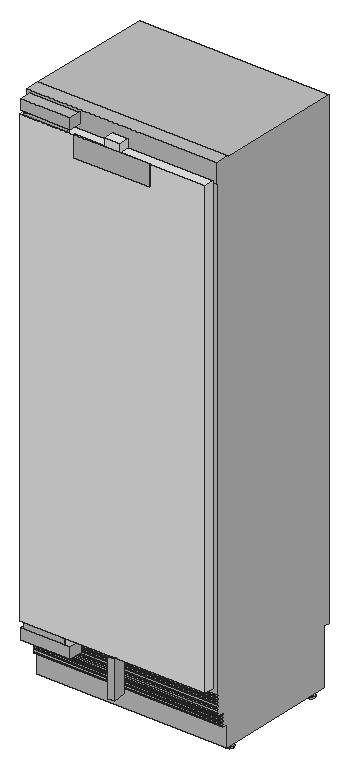
Revit family "FP_Revit_18_RS7621SLHK1_Fridge_90001115A", category Specialty Equipment, Revit 2018
Family settings
  Round Connector Dimension = Use Diameter
  Part Type = Normal
  OmniClass Number = 23.40.40.11.11
  OmniClass Title = Refrigerators and Freezers
  Work Plane-Based = No
  Always vertical = Yes
  Cut with Voids When Loaded = Yes
  Shared = No
  Room Calculation Point = No
Parameters (values of type "RS7621SLHK1")
  Visibility - Water Connection = yes
  Visibility - Visibility Control Note = yes
  Visibility - Clearance Required = yes
  URL = "www.fisherpaykel.com"
  Stainless Steel Door Panels (RD7621L10D) = no
  Product - Width = 756 mm  # constant formula
  Product - Height = 2134 mm  # constant formula
  Product - Depth (exl front panel) = 610 mm  # constant formula
  Model = "RS7621SLHK1"
  Material - Handle = Fisher & Paykel - Aluminium
  Material - Door Structure = Fisher & Paykel - White
  Material - Door Front = Fisher & Paykel - Stainless Steel
  Material - Body = Fisher & Paykel - Grey
  Manufacturer = "Fisher & Paykel Appliances"
  Handle Style - Contemporary Square (AHD3-RD21) = no
  Handle Style - Contemporary Round (AHS-RD21) = no
  Description = "76cm Integrated Column Refrigerator with internal water, stainless steel interior"
  Connector Description - Water = "1/2 BSP Stainless steel braided hose"
  Connector Description - Electrical = "230 V,10 A fused electrical supply"
  Cavity - Width = 762 mm  # constant formula
  Cavity - Height = 2134 mm  # constant formula
  Cavity - Depth = 650 mm  # constant formula
Types (3, lengths in mm): name | Visibility - Water Connection | Model | Description | Connector Description - Water
  (no name) | yes | "RS7621SLHK1" | "76cm Integrated Column Refrigerator with internal water, stainless steel interior" | "1/2 BSP Stainless steel braided hose"
  RS7621SLK1 | no | "RS7621SLK1" | "76cm Integrated Column Refrigerator, stainless steel interior" | "Water Supply not required"
  RS7621SLHK1 | yes | "RS7621SLHK1" | "76cm Integrated Column Refrigerator with internal water, stainless steel interior" | "1/2 BSP Stainless steel braided hose"
Reference planes
  plane 1 "Datum": y = 0
  plane 2: z = 0
  plane 3 "Center (Left/Right)": x = 0
  plane 4 "Product LHS": x = -378
  plane 5 "Product RHS": x = 378
  plane 6 "Product - Depth": y = 610
  plane 7 "Cavity LHS": x = -381
  plane 8 "Cavity RHS": x = 381
  plane 9 "Cavity - Depth": y = 628
  plane 10 "Handle Offset": x = 315
  plane 11 "Product Height": z = 2134
  plane 12 "Cavity Height": z = 2134
  plane 13 "Door Panel Datum": y = -4.1
Forms (mm)
  Extrusion 1, solid, material "Fisher & Paykel - Grey" <- "Material - Body", detail levels fine
    sketch origin (0, 0, 0) x (0, 1, 0) y (0, 0, 1)
      loop
        line (100.1, 19.1) -> (587.9, 19.1) -> (587.9, 239.7) -> (610, 239.7) -> (610, 2131.9) -> (105.1, 2131.9) -> (105.1, 2134) -> (49.9, 2134) -> (49.9, 2059) -> (56, 2059) -> (56, 228.6) -> (59.5, 228.6) -> (59.5, 219.7) -> (56.5, 219.7) -> (56.5, 215.9) -> (59.5, 215.9) -> (59.5, 207) -> (56.5, 207) -> (56.5, 203.2) -> (59.5, 203.2) -> (59.5, 194.3) -> (56.5, 194.3) -> (56.5, 190.5) -> (59.5, 190.5) -> (59.5, 181.6) -> (56.5, 181.6) -> (56.5, 177.8) -> (59.5, 177.8) -> (59.5, 168.9) -> (56.5, 168.9) -> (56.5, 165.1) -> (59.5, 165.1) -> (59.5, 156.2) -> (56.5, 156.2) -> (56.5, 152.4) -> (84.1, 152.4) -> (84.1, 143.5) -> (81.1, 143.5) -> (81.1, 139.7) -> (84.1, 139.7) -> (84.1, 130.8) -> (81.1, 130.8) -> (81.1, 127) -> (84.1, 127) -> (84.1, 118.1) -> (81.1, 118.1) -> (81.1, 114.3) -> (84.1, 114.3) -> (84.1, 105.4) -> (81.1, 105.4) -> (81.1, 101.6) -> (100.1, 101.6) -> (100.1, 19.1)
    from -378 to 378
  Extrusion 2, solid, material "Fisher & Paykel - Grey" <- "Material - Body"
    sketch origin (0, 0, 0) x (1, 0, 0) y (0, 1, 0)
      loop
        circle (-357.5, 547.8) r 4.1
      loop
        circle (-357.5, 141.8) r 4.1
      loop
        circle (357.5, 547.8) r 4.1
      loop
        circle (357.5, 141.8) r 4.1
    from 3 to 19.1
  Extrusion 3, solid, material "Fisher & Paykel - Grey" <- "Material - Body"
    sketch origin (0, 0, 0) x (1, 0, 0) y (0, 1, 0)
      loop
        circle (-357.5, 547.8) r 14.5
      loop
        circle (-357.5, 141.8) r 14.555
      loop
        circle (357.5, 547.8) r 14.5
      loop
        circle (357.5, 141.8) r 14.555
    from 0 to 3
  Extrusion 4, solid, material "Fisher & Paykel - Grey" <- "Material - Body", detail levels fine
    sketch origin (0, 0, 0) x (1, 0, 0) y (0, 1, 0)
      loop
        line (-7.5, 49) -> (-13.797, -4.1) -> (13.797, -4.1) -> (7.5, 49) -> (-7.5, 49)
    from 104.2 to 254.2
  Extrusion 5, solid, material "Fisher & Paykel - Grey" <- "Material - Body", detail levels fine
    sketch origin (0, 0, 0) x (0, 1, 0) y (0, 0, 1)
      loop
        line (0, 2070.6) -> (0, 1988.6) -> (2, 1988.6) -> (2, 2068.6) -> (4, 2068.6) -> (4, 2070.6) -> (0, 2070.6)
    from -150 to 150
  Extrusion 6, solid, material "Fisher & Paykel - Grey" <- "Material - Body"
    sketch origin (0, 0, 0) x (1, 0, 0) y (0, 0, 1)
      loop
        circle (303, 119.813) r 5
      loop
        circle (-303, 119.813) r 5
    from -590 to -587.9
  Extrusion 7, solid, material "Fisher & Paykel - White" <- "Material - Door Structure"
    sketch origin (0, 0, 0) x (1, 0, 0) y (0, 1, 0)
      loop
        line (-353, 56) -> (-353, 42) -> (353, 42) -> (353, 56) -> (-353, 56)
    from 269.6 to 2030.7
  Extrusion 8, solid, material "Fisher & Paykel - White" <- "Material - Door Structure"
    sketch origin (0, 0, 0) x (1, 0, 0) y (0, 1, 0)
      loop
        line (-369.4, 42) -> (-369.4, 3) -> (369.4, 3) -> (369.4, 42) -> (-369.4, 42)
    from 254.2 to 2068.6
  Extrusion 9, solid, material "Fisher & Paykel - White" <- "Material - Door Structure", detail levels fine
    sketch origin (0, 0, 0) x (1, 0, 0) y (0, 0, 1)
      loop
        line (-29.5, 2100.1) -> (-29.5, 2068.6) -> (29.5, 2068.6) -> (29.5, 2100.1) -> (-29.5, 2100.1)
    from -42 to -3
  Extrusion 10, solid, material "Fisher & Paykel - Stainless Steel" <- "Material - Door Front", visible <- "Stainless Steel Door Panels (RD7621L10D)"
    sketch origin (0, 0, 0) x (0, 1, 0) y (0, 0, 1)
      loop
        line (-22.1, 2130.8) -> (-22.1, 102) -> (-4.1, 102) -> (-4.1, 2130.8) -> (-22.1, 2130.8)
    from -378 to 378
  Extrusion 11, solid, material "Fisher & Paykel - Grey" <- "Material - Body", detail levels coarse+medium
    sketch origin (0, 0, 0) x (0, 1, 0) y (0, 0, 1)
      loop
        line (49.9, 2134) -> (49.9, 2059) -> (56, 2059) -> (56, 152.4) -> (81.1, 152.4) -> (81.1, 101.6) -> (100.1, 101.6) -> (100.1, 19.1) -> (587.9, 19.1) -> (587.9, 239.7) -> (610, 239.7) -> (610, 2134) -> (49.9, 2134)
    from -378 to 378
  Extrusion 12, solid, material "Fisher & Paykel - Grey" <- "Material - Body", detail levels fine
    sketch origin (0, 0, 0) x (-1, 0, 0) y (0, 0, -1)
      loop
        line (366.4, -187.65) -> (168.42, -187.65) -> (168.42, -229.75) -> (366.4, -229.75) -> (366.4, -187.65)
    from -56 to -2.5
  Extrusion 13, solid, material "Fisher & Paykel - Grey" <- "Material - Body", detail levels fine
    sketch origin (0, 0, 0) x (-1, 0, 0) y (0, 0, -1)
      loop
        line (366.4, -2123.15) -> (366.4, -2081.05) -> (168.42, -2081.05) -> (168.42, -2123.15) -> (366.4, -2123.15)
    from -49 to -2.5
  Extrusion 14, solid, material "Fisher & Paykel - Grey" <- "Material - Body", detail levels fine
    sketch origin (0, 0, -4) x (0, 1, 0) y (0, 0, 1)
      loop
        arc (163.888, 23.1) -> (180.4, 13.63) -> (196.912, 23.1) r 19.13
        line (196.912, 23.1) -> (163.888, 23.1)
      loop
        arc (493.888, 23.1) -> (510.4, 13.63) -> (526.912, 23.1) r 19.13
        line (526.912, 23.1) -> (493.888, 23.1)
    from 191 to 219
  Extrusion 15, solid, material "Fisher & Paykel - Grey" <- "Material - Body", detail levels fine
    sketch origin (0, 0, -4) x (0, 1, 0) y (0, 0, -1)
      loop
        line (163.888, -23.1) -> (196.912, -23.1)
        arc (196.912, -23.1) -> (180.4, -13.63) -> (163.888, -23.1) r 19.13
      loop
        line (493.888, -23.1) -> (526.912, -23.1)
        arc (526.912, -23.1) -> (510.4, -13.63) -> (493.888, -23.1) r 19.13
    from 191 to 219
  Extrusion 16, solid, material "Fisher & Paykel - Clearance Required", visible <- "Visibility - Clearance Required", detail levels coarse
    sketch origin (0, 0, 0) x (1, 0, 0) y (0, 1, 0)
      loop
        line (-381, 628) -> (-381, -4.1) -> (381, -4.1) -> (381, 628) -> (-381, 628)
    from 0 to 2134
  Extrusion 17, void
    sketch origin (0, 0, 0) x (1, 0, 0) y (0, 1, 0)
      loop
        line (-381, 628) -> (-381, -22.1) -> (381, -22.1) -> (381, 628) -> (-381, 628)
    from 0 to 2134
  Extrusion 18, solid, material "Fisher & Paykel - Grey" <- "Material - Body", detail levels fine
    sketch origin (-73, 0, 0) x (-1, 0, 0) y (0, 0, -1)
      loop
        line (118.4, -254.2) -> (282.9, -254.2) -> (282.9, -229.75) -> (118.4, -229.75) -> (118.4, -254.2)
      loop
        line (106, -2081.05) -> (242.9, -2081.05) -> (282.9, -2076.05) -> (282.9, -2068.6) -> (106, -2068.6) -> (106, -2081.05)
    from -7 to -4
  Extrusion 19, solid, material "Fisher & Paykel - Clearance Required", visible <- "Visibility - Clearance Required", detail levels coarse
    sketch origin (0, 0, 0) x (-1, 0, 0) y (0, -1, 0)
      loop
        line (-328.5, 22) -> (378.07, 22)
        arc (378.07, 22) -> (380.987, 57.006) -> (415.929, 60.595) r 27.504
        line (415.929, 60.595) -> (697.006, 665.395) -> (723.253, 653.197)
        arc (723.253, 653.197) -> (747.815, 662.137) -> (738.875, 686.699) r 18.483
        line (738.875, 686.699) -> (712.602, 698.95) -> (734.607, 746.265)
        arc (734.607, 746.265) -> (-22.041, 691.901) -> (-377.998, 22) r 783.526
        line (-377.998, 22) -> (-328.5, 22)
    from 0 to 2134
Lines and regions (mm)
  model lines, style "Fisher & Paykel"
    curve 1: line (-378, -4.1, 2130.8) -> (378, -4.1, 2130.8)
    curve 2: line (-378, -4.1, 102) -> (-378, -4.1, 2130.8)
    curve 3: line (378, -4.1, 102) -> (-378, -4.1, 102)
    curve 4: line (378, -4.1, 2130.8) -> (378, -4.1, 102)
Text (mm)
  text "Due to ongoing product development, product details are subject to change without notice. \nPlease always refer to www.fisherpaykel.com for the most current product information. \n© Fisher & Paykel 2020" at (41.04, -848.295, 0), in view "Ref. Level (Plan)"
Dimensions and locks
  equal spacing: plane 4 "Product LHS", plane 3 "Center (Left/Right)", plane 5 "Product RHS"
  "Product - Width": plane 4 "Product LHS" to plane 5 "Product RHS"
  "Product - Depth (exl front panel)": plane 1 "Datum" to plane 6 "Product - Depth"
  equal spacing: plane 7 "Cavity LHS", plane 3 "Center (Left/Right)", plane 8 "Cavity RHS"
  "Cavity - Width": plane 7 "Cavity LHS" to plane 8 "Cavity RHS"
  plane 4 "Product LHS" to Extrusion 2 sketch curve = 24.6 mm
  Extrusion 6 sketch curve to Extrusion 1 = 119.887 mm  (x2)
  Extrusion 6 sketch curve to plane 5 "Product RHS" = 75 mm
  plane 4 "Product LHS" to Extrusion 6 sketch curve = 75 mm
  Extrusion 1 sketch curve to Extrusion 1 sketch curve = 82.5 mm
  Extrusion 1 sketch curve to Extrusion 1 sketch curve = 209.5 mm
  Extrusion 1 sketch curve to Extrusion 1 sketch curve = 220.6 mm
  Extrusion 3 to level = 3 mm
  Extrusion 11 to Extrusion 8 = 235.1 mm
  Extrusion 11 to Extrusion 7 = 250.5 mm
  Extrusion 11 to Extrusion 11 = 2114.9 mm
  Extrusion 11 to Extrusion 10 = 82.9 mm
  "Product - Height": level to plane 11 "Product Height"
  plane 11 "Product Height" to Extrusion 10 = 3.2 mm
  Extrusion 8 to plane 11 "Product Height" = 65.4 mm
  Extrusion 7 to plane 11 "Product Height" = 103.3 mm
  Extrusion 11 sketch curve to plane 11 "Product Height" = 75 mm
  Extrusion 1 sketch curve to plane 11 "Product Height" = 2.1 mm
  Extrusion 1 sketch curve to plane 11 "Product Height" = 75 mm
  "Cavity - Height": plane 12 "Cavity Height" to level
  Extrusion 18 sketch curve to Extrusion 18 sketch curve = 40 mm
  Extrusion 18 sketch curve to Extrusion 18 sketch curve = 176.9 mm
  plane 3 "Center (Left/Right)" to Extrusion 18 sketch curve = 179 mm
  plane 3 "Center (Left/Right)" to Extrusion 18 sketch curve = 191.4 mm
  plane 3 "Center (Left/Right)" to Extrusion 18 sketch curve = 355.9 mm
  plane 3 "Center (Left/Right)" to Extrusion 13 sketch curve = 168.42 mm
  plane 3 "Center (Left/Right)" to Extrusion 12 sketch curve = 168.42 mm
  "Cavity - Depth": Extrusion 17 to Extrusion 19
  Extrusion 19 to plane 1 "Datum" = 22 mm
  radius of Extrusion 6 sketch curve = 5 mm
  aligned and locked: level to plane 2
  aligned and locked: Extrusion 10 to plane 5 "Product RHS"
  aligned and locked: plane 4 "Product LHS" to Extrusion 10
  aligned and locked: Extrusion 11 to plane 5 "Product RHS"
  aligned and locked: Extrusion 11 to plane 4 "Product LHS"
  aligned and locked: Extrusion 11 sketch curve to plane 11 "Product Height"
  aligned and locked: plane 11 "Product Height" to Extrusion 1 sketch curve
  aligned and locked: Extrusion 14 sketch curve to Extrusion 14 sketch curve
  aligned and locked: Extrusion 15 sketch curve to Extrusion 15 sketch curve
  aligned and locked: Extrusion 1 to plane 5 "Product RHS"
  aligned and locked: plane 4 "Product LHS" to Extrusion 1
  aligned and locked: Extrusion 11 sketch curve to Extrusion 1  (x4)
  aligned and locked: Extrusion 2 to Extrusion 1
  aligned and locked: nested 2 to plane 10 "Handle Offset"
  aligned and locked: nested 3 to plane 10 "Handle Offset"
Automatic sketch dimensions
  plane 1 "Datum" to Extrusion 4 sketch curve = 4.1 mm
  Extrusion 4 sketch curve to plane 3 "Center (Left/Right)" = 13.797 mm
  Extrusion 4 sketch curve to plane 3 "Center (Left/Right)" = 7.5 mm
  plane 3 "Center (Left/Right)" to Extrusion 4 sketch curve = 7.5 mm
  plane 3 "Center (Left/Right)" to Extrusion 4 sketch curve = 13.797 mm
  Extrusion 4 sketch curve to plane 1 "Datum" = 49 mm
  Extrusion 5 sketch curve to plane 1 "Datum" = 0 mm
  Extrusion 5 sketch curve to plane 1 "Datum" = 2 mm
  Extrusion 5 sketch curve to Extrusion 5 sketch curve = 2 mm  (x2)
  plane 11 "Product Height" to Extrusion 5 sketch curve = 145.4 mm
  plane 11 "Product Height" to Extrusion 5 sketch curve = 65.4 mm
  Extrusion 9 sketch curve to plane 3 "Center (Left/Right)" = 29.5 mm
  plane 3 "Center (Left/Right)" to Extrusion 9 sketch curve = 29.5 mm
  plane 11 "Product Height" to Extrusion 9 sketch curve = 65.4 mm
  Extrusion 9 sketch curve to Extrusion 9 sketch curve = 31.5 mm
  Extrusion 16 sketch curve to plane 7 "Cavity LHS" = 0 mm
  Extrusion 16 sketch curve to plane 8 "Cavity RHS" = 0 mm
  Extrusion 16 sketch curve to plane 9 "Cavity - Depth" = 0 mm
  plane 1 "Datum" to Extrusion 16 sketch curve = 4.1 mm
  Extrusion 17 sketch curve to plane 7 "Cavity LHS" = 0 mm
  Extrusion 17 sketch curve to plane 8 "Cavity RHS" = 0 mm
  plane 9 "Cavity - Depth" to Extrusion 17 sketch curve = 0 mm
  plane 1 "Datum" to Extrusion 17 sketch curve = 22.1 mm
  Extrusion 1 sketch curve to plane 6 "Product - Depth" = 0 mm
  Extrusion 1 sketch curve to Extrusion 1 sketch curve = 22.1 mm
  Extrusion 1 sketch curve to plane 1 "Datum" = 105.1 mm
  level to Extrusion 1 sketch curve = 19.1 mm
  Extrusion 1 sketch curve to plane 1 "Datum" = 100.1 mm
  Extrusion 1 sketch curve to Extrusion 1 sketch curve = 16 mm
  Extrusion 1 sketch curve to Extrusion 1 sketch curve = 0 mm  (x8)
  Extrusion 1 sketch curve to Extrusion 1 sketch curve = 3 mm  (x10)
  Extrusion 1 sketch curve to plane 1 "Datum" = 59.5 mm
  Extrusion 1 sketch curve to plane 1 "Datum" = 56 mm
  Extrusion 1 sketch curve to plane 1 "Datum" = 49.9 mm
  Extrusion 1 sketch curve to Extrusion 1 sketch curve = 3.8 mm  (x10)
  Extrusion 1 sketch curve to Extrusion 1 sketch curve = 8.9 mm  (x9)
  Extrusion 2 sketch curve to plane 4 "Product LHS" = 20.5 mm  (x2)
  plane 5 "Product RHS" to Extrusion 2 sketch curve = 20.5 mm  (x2)
  Extrusion 2 sketch curve to plane 1 "Datum" = 141.8 mm  (x2)
  Extrusion 2 sketch curve to plane 6 "Product - Depth" = 62.2 mm  (x2)
  Extrusion 3 sketch curve to plane 4 "Product LHS" = 20.5 mm  (x2)
  plane 5 "Product RHS" to Extrusion 3 sketch curve = 20.5 mm  (x2)
  Extrusion 3 sketch curve to plane 1 "Datum" = 141.8 mm  (x2)
  Extrusion 3 sketch curve to plane 6 "Product - Depth" = 62.2 mm  (x2)
  Extrusion 7 sketch curve to plane 4 "Product LHS" = 25 mm
  plane 5 "Product RHS" to Extrusion 7 sketch curve = 25 mm
  Extrusion 7 sketch curve to plane 1 "Datum" = 42 mm
  Extrusion 7 sketch curve to Extrusion 7 sketch curve = 14 mm
  Extrusion 8 sketch curve to plane 1 "Datum" = 3 mm
  Extrusion 8 sketch curve to plane 4 "Product LHS" = 8.6 mm
  plane 5 "Product RHS" to Extrusion 8 sketch curve = 8.6 mm
  Extrusion 8 sketch curve to Extrusion 8 sketch curve = 39 mm
  plane 1 "Datum" to Extrusion 10 sketch curve = 22.1 mm
  plane 1 "Datum" to Extrusion 10 sketch curve = 4.1 mm
  level to Extrusion 10 sketch curve = 102 mm
  plane 11 "Product Height" to Extrusion 10 sketch curve = 3.2 mm
  Extrusion 11 sketch curve to plane 6 "Product - Depth" = 0 mm
  Extrusion 11 sketch curve to plane 6 "Product - Depth" = 22.1 mm
  Extrusion 11 sketch curve to plane 1 "Datum" = 100.1 mm
  Extrusion 11 sketch curve to Extrusion 11 sketch curve = 19 mm
  Extrusion 11 sketch curve to plane 1 "Datum" = 56 mm
  Extrusion 11 sketch curve to plane 1 "Datum" = 49.9 mm
  Extrusion 11 sketch curve to Extrusion 11 sketch curve = 50.8 mm
  plane 4 "Product LHS" to Extrusion 12 sketch curve = 11.6 mm
  Extrusion 12 sketch curve to level = 187.65 mm
  Extrusion 12 sketch curve to Extrusion 12 sketch curve = 42.1 mm
  plane 4 "Product LHS" to Extrusion 13 sketch curve = 11.6 mm
  Extrusion 13 sketch curve to plane 11 "Product Height" = 52.95 mm
  Extrusion 13 sketch curve to plane 11 "Product Height" = 10.85 mm
  level to Extrusion 14 sketch curve = 19.1 mm
  Extrusion 14 sketch curve to plane 1 "Datum" = 163.888 mm
  Extrusion 14 sketch curve to Extrusion 14 sketch curve = 16.512 mm  (x2)
  Extrusion 14 sketch curve to plane 6 "Product - Depth" = 116.112 mm
  Extrusion 14 sketch curve to Extrusion 14 sketch curve = 9.66 mm  (x2)
  level to Extrusion 15 sketch curve = 19.1 mm
  Extrusion 15 sketch curve to plane 1 "Datum" = 163.888 mm
  Extrusion 15 sketch curve to Extrusion 15 sketch curve = 16.512 mm  (x2)
  Extrusion 15 sketch curve to plane 6 "Product - Depth" = 116.112 mm
  Extrusion 15 sketch curve to Extrusion 15 sketch curve = 9.66 mm  (x2)
  Extrusion 18 sketch curve to level = 229.75 mm
  Extrusion 18 sketch curve to Extrusion 18 sketch curve = 24.45 mm
  Extrusion 18 sketch curve to plane 11 "Product Height" = 65.4 mm
  Extrusion 18 sketch curve to Extrusion 18 sketch curve = 7.45 mm
  Extrusion 18 sketch curve to Extrusion 18 sketch curve = 5 mm
  Extrusion 19 sketch curve to plane 5 "Product RHS" = 0.002 mm
  plane 10 "Handle Offset" to Extrusion 19 sketch curve = 13.5 mm
  Extrusion 19 sketch curve to plane 4 "Product LHS" = 0.07 mm
  Extrusion 19 sketch curve to plane 7 "Cavity LHS" = 19.621 mm
  Extrusion 19 sketch curve to Extrusion 19 sketch curve = 4.795 mm
  Extrusion 19 sketch curve to Extrusion 19 sketch curve = 10.514 mm
  Extrusion 19 sketch curve to plane 7 "Cavity LHS" = 316.006 mm
  Extrusion 19 sketch curve to Extrusion 19 sketch curve = 15.596 mm
  Extrusion 19 sketch curve to Extrusion 19 sketch curve = 26.247 mm
  Extrusion 19 sketch curve to Extrusion 19 sketch curve = 7.811 mm  (x2)
  Extrusion 19 sketch curve to Extrusion 19 sketch curve = 22.005 mm
  Extrusion 19 sketch curve to plane 1 "Datum" = 746.265 mm
  Extrusion 19 sketch curve to Extrusion 19 sketch curve = 47.315 mm
  Extrusion 19 sketch curve to Extrusion 19 sketch curve = 12.251 mm
  Extrusion 19 sketch curve to Extrusion 19 sketch curve = 16.751 mm
  Extrusion 19 sketch curve to Extrusion 19 sketch curve = 12.198 mm
  Extrusion 19 sketch curve to Extrusion 19 sketch curve = 22.85 mm
  plane 5 "Product RHS" to curve 1 = 0 mm
  plane 4 "Product LHS" to curve 3 = 0 mm
  level to curve 3 = 102 mm
  plane 11 "Product Height" to curve 2 = 3.2 mm
  radius of Extrusion 2 sketch curve = 4.1 mm  (x3)
  radius of Extrusion 3 sketch curve = 14.5 mm  (x2)
  radius of Extrusion 3 sketch curve = 14.555 mm  (x2)
  radius of Extrusion 6 sketch curve = 5 mm
Nested families
  nested 1: "Visibility Control Note 18" at (0, 0, 0), visible <- "Visibility - Visibility Control Note", type "Visibility Control Note 18"
  nested 2: "Handle Contemporary Round - Vertical" at (315, -22.1, 1242.58), visible <- "Handle Style - Contemporary Round (AHS-RD21)", type "AHS-RD21 - Contemporary round handle (Vertical) 852mm"
  nested 3: "Handle Contemporary Square - Vertical" at (315, -22.1, 1242.58), visible <- "Handle Style - Contemporary Square (AHD3-RD21)", type "AHD3-RD21 - Contemporary square handle (Vertical) 852mm"
Connectors
  electrical at (-303, 590, 119.813), driven by "Connector Description - Electrical"
    settings: on Extrusion 6, index 1, voltage 230 V, apparent load 0 VA, apparent load phase1 0 VA, apparent load phase2 0 VA, apparent load phase3 0 VA, power factor 1, load classification "Other", number of poles 1, system type 30, power factor state 1, is connector primary yes, connector utility no, sub classification motor no, connector description "230 V,10 A fused electrical supply"
  piping at (303, 590, 119.813), diameter 12.7, driven by "Visibility - Water Connection", driven by "Connector Description - Water"
    settings: on Extrusion 6, index 2, connector inside diameter 609.6 mm, connector length 0 mm, flow factor 0, pipe flow 0.0 L/s, pressure drop 0.0 Pa, fitting loss kfactor 0, connector angle 0.00°, fixture units 0, engagement length 0 mm, angle of deflection 0.00°, flow configuration 0, flow direction 1, fitting loss method 0, system type 20, joint type 0, gender type 0, connector reference index -1, connector utility 1, adjustable connector no, is connector primary yes, connector description "1/2 BSP Stainless steel braided hose"
Definition of nested family "Handle Contemporary Round - Vertical"
  Parameters (values of type "AHSRS80A - Contemporary round handle (1 of 2) (Vertical) 727mm")
    URL = "www.fisherpaykel.com"
    Material - Handle = none
    Manufacturer = "Fisher & Paykel Appliances"
    Handle - Length = 727 mm
  Types (6, lengths in mm): name | Handle - Length
    AHS-RD21 - Contemporary round handle (Vertical) 852mm | 852
    AHSRD2484W - Contemporary round handle (1 of 2) (Vertical) 727mm | 727
    AHSRD3084W - Contemporary round handle (1 of 2) (Vertical) 727mm | 727
    AHS-RD84 - Contemporary round handle (Vertical) 852mm | 852
    AHSRS3272A - Contemporary round handle (1 of 2) (Vertical) 727mm | 727
    AHSRS80A - Contemporary round handle (1 of 2) (Vertical) 727mm | 727
  Reference planes
    plane 1 "Center (Front/Back)": y = 0
    plane 2: z = 0
    plane 3 "Center (Left/Right)": x = 0
    plane 4 "Top": z = 363.5
    plane 5 "Bottom": z = -363.5
    plane 6 "Top Standoff": z = 243.5
    plane 7 "Bottom Standoff": z = -243.5
  Forms (mm)
    Extrusion 1, solid, material <- "Material - Handle"
      sketch origin (0, 0, 0) x (1, 0, 0) y (0, 1, 0)
        loop
          circle (0, -32.3) r 8.7
      from -243.5 to 243.5
    Extrusion 2, solid, material <- "Material - Handle", detail levels fine
      sketch origin (0, 0, 0) x (1, 0, 0) y (0, 1, 0)
        loop
          line (-8.7, 0) -> (-8.7, -32.3)
          arc (-8.7, -32.3) -> (0, -41) -> (8.7, -32.3) r 8.7
          line (8.7, -32.3) -> (8.7, 0) -> (-8.7, 0)
      from 243.5 to 363.5
    Extrusion 3, solid, material <- "Material - Handle", detail levels fine
      sketch origin (0, 0, 0) x (1, 0, 0) y (0, 1, 0)
        loop
          line (-8.7, 0) -> (-8.7, -32.3)
          arc (-8.7, -32.3) -> (0, -41) -> (8.7, -32.3) r 8.7
          line (8.7, -32.3) -> (8.7, 0) -> (-8.7, 0)
      from -363.5 to -243.5
    Sweep 4, void
      path in 3D
        loop
          line (8.7, 0, -363.5) -> (8.7, -32.3, -363.5)
          arc (8.7, -32.3, -363.5) -> (0, -41, -363.5) -> (-8.7, -32.3, -363.5) r 8.7
          line (-8.7, -32.3, -363.5) -> (-8.7, 0, -363.5)
      profile origin (8.7, -16.15, -363.5) x (-1, 0, 0) y (0, 0, -1)
        loop
          line (0, 0) -> (0, -1) -> (1, 0) -> (0, 0)
    Sweep 5, void
      path in 3D
        loop
          line (-8.7, 0, 363.5) -> (-8.7, -32.3, 363.5)
          arc (-8.7, -32.3, 363.5) -> (0, -41, 363.5) -> (8.7, -32.3, 363.5) r 8.7
          line (8.7, -32.3, 363.5) -> (8.7, 0, 363.5)
      profile origin (8.7, -16.15, 363.5) x (-1, 0, 0) y (0, 0, 1)
        loop
          line (0, 0) -> (0, -1) -> (1, 0) -> (0, 0)
    Extrusion 6, solid, material <- "Material - Handle", detail levels coarse+medium
      sketch origin (0, 0, 0) x (1, 0, 0) y (0, 1, 0)
        loop
          line (-8.7, 0) -> (-8.7, -32.3)
          arc (-8.7, -32.3) -> (0, -41) -> (8.7, -32.3) r 8.7
          line (8.7, -32.3) -> (8.7, 0) -> (-8.7, 0)
      from 243.5 to 363.5
    Extrusion 7, solid, material <- "Material - Handle", detail levels coarse+medium
      sketch origin (0, 0, 0) x (1, 0, 0) y (0, 1, 0)
        loop
          line (-8.7, 0) -> (-8.7, -32.3)
          arc (-8.7, -32.3) -> (0, -41) -> (8.7, -32.3) r 8.7
          line (8.7, -32.3) -> (8.7, 0) -> (-8.7, 0)
      from -363.5 to -243.5
  Cuts and joins
    Sweep 4 cuts Extrusion 3
    Sweep 5 cuts Extrusion 2
  Lines and regions (mm)
    sketch lines
      curve 1: line (8.7, 0, -363.5) -> (8.7, -32.3, -363.5)
      curve 2: arc (-8.7, -32.3, -363.5) -> (0, -41, -363.5) -> (8.7, -32.3, -363.5) r 8.7
      curve 3: line (-8.7, -32.3, -363.5) -> (-8.7, 0, -363.5)
      curve 4: line (8.7, -32.3, 363.5) -> (8.7, 0, 363.5)
      curve 5: arc (8.7, -32.3, 363.5) -> (0, -41, 363.5) -> (-8.7, -32.3, 363.5) r 8.7
      curve 6: line (-8.7, 0, 363.5) -> (-8.7, -32.3, 363.5)
  Dimensions and locks
    equal spacing: plane 4 "Top", level, plane 5 "Bottom"
    "Handle - Length": plane 4 "Top" to plane 5 "Bottom"
    locked: plane 4 "Top" to plane 6 "Top Standoff" at 120
    locked: plane 7 "Bottom Standoff" to plane 5 "Bottom" at 120
    Extrusion 2 sketch curve to Extrusion 2 sketch curve = 17.4 mm
    Extrusion 3 sketch curve to Extrusion 3 sketch curve = 17.4 mm
    Extrusion 6 sketch curve to Extrusion 6 sketch curve = 17.4 mm
    Extrusion 7 sketch curve to Extrusion 7 sketch curve = 17.4 mm
    aligned and locked: level to plane 2
    aligned and locked: plane 4 "Top" to Extrusion 2
    aligned and locked: Extrusion 3 to plane 5 "Bottom"
    aligned and locked: plane 7 "Bottom Standoff" to Extrusion 3
    aligned and locked: Extrusion 1 to plane 7 "Bottom Standoff"
    aligned and locked: plane 6 "Top Standoff" to Extrusion 1
    aligned and locked: Extrusion 2 to Extrusion 1
    aligned and locked: Extrusion 6 to Extrusion 1
    aligned and locked: plane 4 "Top" to Extrusion 6
    aligned and locked: Extrusion 7 to Extrusion 1
    aligned and locked: Extrusion 7 to plane 5 "Bottom"
  Automatic sketch dimensions
    Extrusion 1 sketch curve to plane 3 "Center (Left/Right)" = 0 mm
    plane 1 "Center (Front/Back)" to Extrusion 1 sketch curve = 32.3 mm
    plane 1 "Center (Front/Back)" to Extrusion 2 sketch curve = 0 mm
    Extrusion 2 sketch curve to plane 3 "Center (Left/Right)" = 0 mm
    Extrusion 2 sketch curve to plane 3 "Center (Left/Right)" = 8.7 mm
    plane 1 "Center (Front/Back)" to Extrusion 2 sketch curve = 32.3 mm
    plane 1 "Center (Front/Back)" to Extrusion 3 sketch curve = 0 mm
    Extrusion 3 sketch curve to plane 3 "Center (Left/Right)" = 0 mm
    Extrusion 3 sketch curve to plane 3 "Center (Left/Right)" = 8.7 mm
    plane 1 "Center (Front/Back)" to Extrusion 3 sketch curve = 32.3 mm
    Sweep 4 sketch curve to profile plane = 0 mm  (x2)
    Sweep 4 sketch curve to profile plane = 1 mm  (x2)
    Sweep 5 sketch curve to profile plane = 0 mm  (x2)
    Sweep 5 sketch curve to profile plane = 1 mm  (x2)
    Extrusion 6 sketch curve to plane 3 "Center (Left/Right)" = 0 mm
    Extrusion 6 sketch curve to plane 3 "Center (Left/Right)" = 8.7 mm
    plane 1 "Center (Front/Back)" to Extrusion 6 sketch curve = 32.3 mm
    Extrusion 6 sketch curve to Extrusion 6 sketch curve = 32.3 mm
    Extrusion 7 sketch curve to plane 3 "Center (Left/Right)" = 0 mm
    Extrusion 7 sketch curve to plane 3 "Center (Left/Right)" = 8.7 mm
    plane 1 "Center (Front/Back)" to Extrusion 7 sketch curve = 32.3 mm
    Extrusion 7 sketch curve to Extrusion 7 sketch curve = 32.3 mm
    radius of Extrusion 1 sketch curve = 8.7 mm
Definition of nested family "Handle Contemporary Square - Vertical"
  Parameters (values of type "AHD3RS80A - Contemporary square handle (1 of 2) (Vertical) 727mm")
    URL = "www.fisherpaykel.com"
    Material - Handle = none
    Manufacturer = "Fisher & Paykel Appliances"
    Handle - Length = 727 mm
  Types (7, lengths in mm): name | Handle - Length
    (no name) | 727
    AHD3-RD21 - Contemporary square handle (Vertical) 852mm | 852
    AHD3RD2484W - Contemporary square handle (1 of 2) (Vertical) 727mm | 727
    AHD3RD3084W - Contemporary square handle (1 of 2) (Vertical) 727mm | 727
    AHD3-RD84 - Contemporary square handle (Vertical) 852mm | 852
    AHD3RS3272A - Contemporary square handle (1 of 2) (Vertical) 727mm | 727
    AHD3RS80A - Contemporary square handle (1 of 2) (Vertical) 727mm | 727
  Reference planes
    plane 1 "Center (Front/Back)": y = 0
    plane 2: z = 0
    plane 3 "Center (Left/Right)": x = 0
    plane 4 "Top": z = 363.5
    plane 5 "Bottom": z = -363.5
    plane 6 "Top Standoff": z = 243.5
    plane 7 "Bottom Standoff": z = -243.5
  Forms (mm)
    Extrusion 1, solid, material <- "Material - Handle", detail levels fine
      sketch origin (0, 0, 0) x (1, 0, 0) y (0, 1, 0)
        loop
          arc (-7.583, -28.701) -> (-7.89, -29.057) -> (-8, -29.514) r 1
          line (-8, -29.514) -> (-8, -40.5)
          arc (-8, -40.5) -> (-7.561, -41.561) -> (-6.5, -42) r 1.5
          line (-6.5, -42) -> (6.5, -42)
          arc (6.5, -42) -> (7.561, -41.561) -> (8, -40.5) r 1.5
          line (8, -40.5) -> (8, -29.487)
          arc (8, -29.487) -> (7.889, -29.029) -> (7.58, -28.673) r 1
          arc (7.58, -28.673) -> (-0.006, -26.256) -> (-7.583, -28.701) r 13.038
      from -363.5 to 363.5
    Extrusion 2, solid, material <- "Material - Handle", detail levels fine
      sketch origin (0, 0, 0) x (1, 0, 0) y (0, 1, 0)
        loop
          arc (7.058, -28.23) -> (7.466, -28.244) -> (7.674, -27.893) r 0.4
          line (7.674, -27.893) -> (7.674, 0) -> (-7.674, 0) -> (-7.674, -27.86)
          arc (-7.674, -27.86) -> (-7.467, -28.21) -> (-7.06, -28.198) r 0.4
          arc (-7.06, -28.198) -> (0.004, -26.156) -> (7.058, -28.23) r 13.136
      from 243.5 to 363.5
    Extrusion 3, solid, material <- "Material - Handle", detail levels fine
      sketch origin (0, 0, 0) x (1, 0, 0) y (0, 1, 0)
        loop
          arc (7.058, -28.23) -> (7.466, -28.244) -> (7.674, -27.893) r 0.4
          line (7.674, -27.893) -> (7.674, 0) -> (-7.674, 0) -> (-7.674, -27.86)
          arc (-7.674, -27.86) -> (-7.467, -28.21) -> (-7.06, -28.198) r 0.4
          arc (-7.06, -28.198) -> (0.004, -26.156) -> (7.058, -28.23) r 13.136
      from -363.5 to -243.5
    Sweep 4, void
      path in 3D
        loop
          line (-8, -29.514, 363.5) -> (-8, -40.5, 363.5)
          arc (-8, -40.5, 363.5) -> (-7.561, -41.561, 363.5) -> (-6.5, -42, 363.5) r 1.5
          line (-6.5, -42, 363.5) -> (6.5, -42, 363.5)
          arc (6.5, -42, 363.5) -> (7.561, -41.561, 363.5) -> (8, -40.5, 363.5) r 1.5
          line (8, -40.5, 363.5) -> (8, -29.487, 363.5)
      profile origin (8, -34.994, 363.5) x (-1, 0, 0) y (0, 0, 1)
        loop
          line (0, 0) -> (0, -1.3) -> (1.3, 0) -> (0, 0)
    Sweep 5, void
      path in 3D
        loop
          line (8, -29.487, -363.5) -> (8, -40.5, -363.5)
          arc (8, -40.5, -363.5) -> (7.561, -41.561, -363.5) -> (6.5, -42, -363.5) r 1.5
          line (6.5, -42, -363.5) -> (-6.5, -42, -363.5)
          arc (-6.5, -42, -363.5) -> (-7.561, -41.561, -363.5) -> (-8, -40.5, -363.5) r 1.5
          line (-8, -40.5, -363.5) -> (-8, -29.514, -363.5)
      profile origin (8, -34.994, -363.5) x (-1, 0, 0) y (0, 0, -1)
        loop
          line (0, 0) -> (0, -1.3) -> (1.3, 0) -> (0, 0)
    Extrusion 6, void
      sketch origin (0, 0, 0) x (1, 0, 0) y (0, 0, 1)
        loop
          line (-8, -362.2) -> (-8, -363.5) -> (-6.7, -363.5) -> (-8, -362.2)
        loop
          line (8, -362.2) -> (6.7, -363.5) -> (8, -363.5) -> (8, -362.2)
      from 0 to 40
    Extrusion 7, void
      sketch origin (0, 0, 0) x (1, 0, 0) y (0, 0, 1)
        loop
          line (-8, 363.5) -> (-8, 362.2) -> (-6.7, 363.5) -> (-8, 363.5)
        loop
          line (8, 363.5) -> (6.7, 363.5) -> (8, 362.2) -> (8, 363.5)
      from 0 to 40
    Extrusion 8, solid, material <- "Material - Handle", detail levels coarse+medium
      sketch origin (0, 0, 0) x (0, 1, 0) y (0, 0, 1)
        loop
          line (0, 363.5) -> (-42, 363.5) -> (-42, -363.5) -> (0, -363.5) -> (0, -243.5) -> (-26.245, -243.5) -> (-26.245, 243.5) -> (0, 243.5) -> (0, 363.5)
      from -8 to 8
  Cuts and joins
    Sweep 4, Sweep 5, Extrusion 6, Extrusion 7 cuts Extrusion 1
    Extrusion 6 cuts Extrusion 3
    Extrusion 7 cuts Extrusion 2
  Lines and regions (mm)
    sketch lines
      curve 1: line (8, -40.5, 363.5) -> (8, -29.487, 363.5)
      curve 2: arc (8, -40.5, 363.5) -> (7.561, -41.561, 363.5) -> (6.5, -42, 363.5) r 1.5
      curve 3: line (-6.5, -42, 363.5) -> (6.5, -42, 363.5)
      curve 4: arc (-6.5, -42, 363.5) -> (-7.561, -41.561, 363.5) -> (-8, -40.5, 363.5) r 1.5
      curve 5: line (-8, -29.514, 363.5) -> (-8, -40.5, 363.5)
      curve 6: line (8, -29.487, -363.5) -> (8, -40.5, -363.5)
      curve 7: arc (6.5, -42, -363.5) -> (7.561, -41.561, -363.5) -> (8, -40.5, -363.5) r 1.5
      curve 8: line (6.5, -42, -363.5) -> (-6.5, -42, -363.5)
      curve 9: arc (-8, -40.5, -363.5) -> (-7.561, -41.561, -363.5) -> (-6.5, -42, -363.5) r 1.5
      curve 10: line (-8, -40.5, -363.5) -> (-8, -29.514, -363.5)
  Dimensions and locks
    equal spacing: plane 4 "Top", level, plane 5 "Bottom"
    "Handle - Length": plane 4 "Top" to plane 5 "Bottom"
    locked: plane 4 "Top" to plane 6 "Top Standoff" at 120
    locked: plane 7 "Bottom Standoff" to plane 5 "Bottom" at 120
    aligned and locked: level to plane 2
    aligned and locked: plane 4 "Top" to Extrusion 2
    aligned and locked: Extrusion 2 to plane 6 "Top Standoff"
    aligned and locked: plane 4 "Top" to Extrusion 1
    aligned and locked: Extrusion 1 to plane 5 "Bottom"
    aligned and locked: Extrusion 3 to plane 5 "Bottom"
    aligned and locked: plane 7 "Bottom Standoff" to Extrusion 3
    aligned and locked: plane 4 "Top" to Extrusion 8 sketch curve
    aligned and locked: plane 6 "Top Standoff" to Extrusion 8 sketch curve
    aligned and locked: plane 7 "Bottom Standoff" to Extrusion 8 sketch curve
    aligned and locked: plane 5 "Bottom" to Extrusion 8 sketch curve
    aligned and locked: plane 1 "Center (Front/Back)" to Extrusion 8 sketch curve  (x2)
  Automatic sketch dimensions
    Extrusion 1 sketch curve to plane 3 "Center (Left/Right)" = 8 mm
    Extrusion 1 sketch curve to Extrusion 1 sketch curve = 1 mm  (x2)
    Extrusion 1 sketch curve to Extrusion 1 sketch curve = 1.5 mm
    plane 3 "Center (Left/Right)" to Extrusion 1 sketch curve = 0.018 mm
    plane 3 "Center (Left/Right)" to Extrusion 1 sketch curve = 6.5 mm
    plane 3 "Center (Left/Right)" to Extrusion 1 sketch curve = 7 mm
    plane 1 "Center (Front/Back)" to Extrusion 1 sketch curve = 42 mm
    Extrusion 1 sketch curve to Extrusion 1 sketch curve = 1.206 mm
    Extrusion 1 sketch curve to Extrusion 1 sketch curve = 10.986 mm
    Extrusion 1 sketch curve to Extrusion 1 sketch curve = 11.013 mm
    Extrusion 1 sketch curve to Extrusion 1 sketch curve = 0 mm
    plane 1 "Center (Front/Back)" to Extrusion 2 sketch curve = 0 mm
    Extrusion 2 sketch curve to plane 3 "Center (Left/Right)" = 7.674 mm
    Extrusion 2 sketch curve to Extrusion 2 sketch curve = 0.4 mm  (x2)
    Extrusion 2 sketch curve to plane 3 "Center (Left/Right)" = 0.026 mm
    plane 3 "Center (Left/Right)" to Extrusion 2 sketch curve = 7.274 mm
    plane 1 "Center (Front/Back)" to Extrusion 2 sketch curve = 27.86 mm
    Extrusion 2 sketch curve to Extrusion 2 sketch curve = 0.033 mm
    Extrusion 2 sketch curve to Extrusion 2 sketch curve = 11.398 mm
    Extrusion 2 sketch curve to Extrusion 2 sketch curve = 0 mm
    plane 1 "Center (Front/Back)" to Extrusion 3 sketch curve = 0 mm
    Extrusion 3 sketch curve to Extrusion 3 sketch curve = 0.4 mm  (x2)
    Extrusion 3 sketch curve to Extrusion 3 sketch curve = 7.248 mm
    Extrusion 3 sketch curve to Extrusion 3 sketch curve = 7.3 mm
    plane 1 "Center (Front/Back)" to Extrusion 3 sketch curve = 27.86 mm
    Extrusion 3 sketch curve to Extrusion 3 sketch curve = 0.033 mm
    Extrusion 3 sketch curve to Extrusion 3 sketch curve = 11.398 mm
    Extrusion 3 sketch curve to Extrusion 3 sketch curve = 0 mm
    Sweep 4 sketch curve to profile plane = 0 mm  (x2)
    Sweep 4 sketch curve to profile plane = 1.3 mm  (x2)
    Sweep 5 sketch curve to profile plane = 0 mm  (x2)
    Sweep 5 sketch curve to profile plane = 1.3 mm  (x2)
    Extrusion 6 sketch curve to plane 5 "Bottom" = 0 mm  (x2)
    plane 5 "Bottom" to Extrusion 6 sketch curve = 1.3 mm  (x2)
    Extrusion 6 sketch curve to plane 3 "Center (Left/Right)" = 8 mm
    Extrusion 6 sketch curve to Extrusion 6 sketch curve = 1.3 mm  (x2)
    plane 3 "Center (Left/Right)" to Extrusion 6 sketch curve = 8 mm
    Extrusion 7 sketch curve to plane 4 "Top" = 0 mm  (x2)
    Extrusion 7 sketch curve to plane 3 "Center (Left/Right)" = 8 mm
    Extrusion 7 sketch curve to Extrusion 7 sketch curve = 1.3 mm  (x2)
    plane 3 "Center (Left/Right)" to Extrusion 7 sketch curve = 8 mm
    Extrusion 7 sketch curve to plane 4 "Top" = 1.3 mm  (x2)
    plane 1 "Center (Front/Back)" to Extrusion 8 sketch curve = 26.245 mm
    plane 1 "Center (Front/Back)" to Extrusion 8 sketch curve = 42 mm
    Extrusion 3 sketch curve to plane 3 "Center (Left/Right)" = 7.674 mm
Definition of nested family "Visibility Control Note 18"
  Types (3): name
    New
    Resolved
    Active
  Reference planes
    plane 1: y = 0
    plane 2: x = 0
  Text (mm)
    text "Edit Type: \nTo control handle kit \nand door panel visibility\n options\n\nDelete unwanted kits \nto reduce file size" at (-0.165, 35.556, 0)
